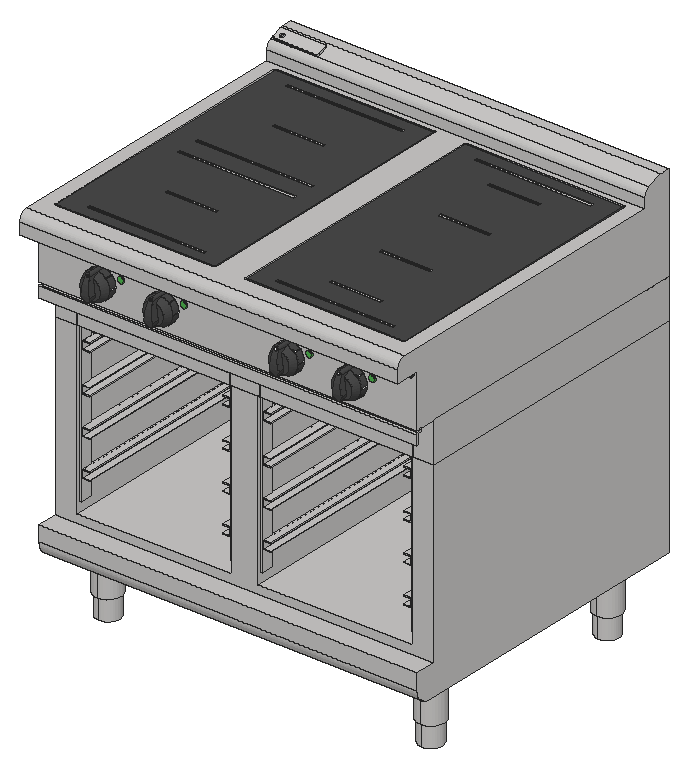
Revit family "QF_Moffat_INL8400R5F-CB_Induction Cooktop_cat", category Specialty Equipment, Revit 2019 (continued)
Definition of nested family "IN8400F-CB_Cabinet base"
  Automatic sketch dimensions
    Extrusion 13 sketch curve to Extrusion 13 sketch curve = 17.4 mm  (x4)
    plane 7 "Center Y" to Extrusion 14 sketch curve = 57.15 mm  (x4)
    plane 13 to Extrusion 14 sketch curve = 167.5 mm
    Extrusion 14 sketch curve to Extrusion 14 sketch curve = 1.6 mm  (x12)
    Extrusion 14 sketch curve to Extrusion 14 sketch curve = 16.8 mm  (x4)
    Extrusion 14 sketch curve to Extrusion 14 sketch curve = 70 mm  (x2)
    Extrusion 14 sketch curve to plane 14 = 52.5 mm
    Extrusion 14 sketch curve to Extrusion 14 sketch curve = 0 mm  (x3)
    Extrusion 14 sketch curve to Extrusion 14 sketch curve = 17.4 mm  (x5)
Definition of nested family "Knob"
  Parameters (values of type "Knob")
    Weight in Pounds = 0
    URL Cutsheet = ""
    Specification by User = ""
    Specification by Manufacturer = ""
    Serial Number = ""
    Seismic Rating = ""
    SMACNA No = ""
    Revision Code = ""
    NAFEM Spec ID Number = ""
    Masterspec = ""
    Length = 65 mm
    Item Number = ""
    Installed By = ""
    Identify Quantity as Lot = yes
    Height = 69.5 mm
    Furnished By = ""
    Foodservice Equipment Identifier = yes
    Depth = 59 mm
    CSI MasterFormat = ""
  Reference planes
    plane 1 "BACK": y = 0
    plane 2: z = 0
    plane 3 "LEFT": x = 0
    plane 4 "RIGHT": x = 65
    plane 5 "FRONT": y = -59
    plane 6 "TOP": z = 69.5
    plane 7 "Center Y": x = 32.5
    plane 8 "Center X": y = -29.5
  Forms (mm)
    Revolve 1, solid
      sketch origin (32.5, 175.397, 1219.2) x (0, 1, 0) y (0, 0, 1)
        loop
          line (-175.397, -1186.7) -> (-219.397, -1186.7) -> (-219.397, -1211.501) -> (-202.106, -1219.2) -> (-185.397, -1219.2) -> (-185.397, -1191.7) -> (-175.397, -1191.7) -> (-175.397, -1186.7)
        axis (-219.397, -1186.7) -> (-175.397, -1186.7)
      angle from 0 to 360
    Extrusion 2, solid
      sketch origin (32.5, 175.397, 1219.2) x (0, 1, 0) y (0, 0, 1)
        loop
          line (-202.106, -1154.2) -> (-185.397, -1154.2) -> (-185.397, -1149.7) -> (-224.105, -1149.7)
          arc (-224.105, -1149.7) -> (-233.965, -1178.467) -> (-230.696, -1208.7) r 70
          line (-230.696, -1208.7) -> (-219.397, -1208.7) -> (-219.397, -1161.899) -> (-202.106, -1154.2)
      from -15 to 15
    Extrusion 3, void
      sketch origin (0, 0, 0) x (1, 0, 0) y (0, 0, 1)
        loop
          line (27.501, 64.613) -> (22.02, 20.585)
          arc (22.02, 20.585) -> (32.792, 10.488) -> (42.986, 21.169) r 10.487
          line (42.986, 21.169) -> (37.499, 64.613)
          arc (37.499, 64.613) -> (32.5, 69.5) -> (27.501, 64.613) r 5
        loop
          line (10, 72.977) -> (10, 5.625) -> (55, 5.625) -> (55, 72.977) -> (10, 72.977)
      from 6.142 to 69.687
    Extrusion 4, solid
      sketch origin (0, -34.115, -16.916) x (1, 0, 0) y (0, 0.45399, 0.891007)
        loop
          circle (32.497, 65) r 2
      from 51.525 to 53.075
    Extrusion 5, solid
      sketch origin (32.5, -10, 32.5) x (0, 0, -1) y (-1, 0, 0)
        loop
          line (-23.54, -22.408) -> (-24.106, -22.974)
          arc (-24.106, -22.974) -> (-23.547, -23.547) -> (-22.974, -24.106) r 33.3
          line (-22.974, -24.106) -> (-22.408, -23.54)
          arc (-22.408, -23.54) -> (-22.981, -22.981) -> (-23.54, -22.408) r 32.5
        loop
          arc (-0.8, -33.29) -> (0, -33.3) -> (0.8, -33.29) r 33.3
          line (0.8, -33.29) -> (0.8, -32.49)
          arc (0.8, -32.49) -> (0, -32.5) -> (-0.8, -32.49) r 32.5
          line (-0.8, -32.49) -> (-0.8, -33.29)
        loop
          arc (23.54, -22.408) -> (22.981, -22.981) -> (22.408, -23.54) r 32.5
          line (22.408, -23.54) -> (22.974, -24.106)
          arc (22.974, -24.106) -> (23.547, -23.547) -> (24.106, -22.974) r 33.3
          line (24.106, -22.974) -> (23.54, -22.408)
        loop
          arc (-23.54, 22.408) -> (-22.981, 22.981) -> (-22.408, 23.54) r 32.5
          line (-22.408, 23.54) -> (-22.974, 24.106)
          arc (-22.974, 24.106) -> (-23.547, 23.547) -> (-24.106, 22.974) r 33.3
          line (-24.106, 22.974) -> (-23.54, 22.408)
        loop
          line (-0.8, 33.29) -> (-0.8, 32.49)
          arc (-0.8, 32.49) -> (0, 32.5) -> (0.8, 32.49) r 32.5
          line (0.8, 32.49) -> (0.8, 33.29)
          arc (0.8, 33.29) -> (0, 33.3) -> (-0.8, 33.29) r 33.3
        loop
          line (32.49, -0.8) -> (33.29, -0.8)
          arc (33.29, -0.8) -> (33.3, 0) -> (33.29, 0.8) r 33.3
          line (33.29, 0.8) -> (32.49, 0.8)
          arc (32.49, 0.8) -> (32.5, 0) -> (32.49, -0.8) r 32.5
        loop
          arc (24.106, 22.974) -> (23.547, 23.547) -> (22.974, 24.106) r 33.3
          line (22.974, 24.106) -> (22.408, 23.54)
          arc (22.408, 23.54) -> (22.981, 22.981) -> (23.54, 22.408) r 32.5
          line (23.54, 22.408) -> (24.106, 22.974)
      from 0 to -16.709
  Cuts and joins
    Extrusion 3 cuts Extrusion 2
  Dimensions and locks
    equal spacing: plane 3 "LEFT", plane 7 "Center Y", plane 4 "RIGHT"
    "Length": plane 3 "LEFT" to plane 4 "RIGHT"
    equal spacing: plane 5 "FRONT", plane 8 "Center X", plane 1 "BACK"
    "Depth": plane 5 "FRONT" to plane 1 "BACK"
    "Height": plane 6 "TOP" to level
    plane 4 "RIGHT" to plane 3 "LEFT" = 65 mm
    aligned and locked: level to plane 2
  Automatic sketch dimensions
    Revolve 1 sketch curve to level = 0 mm
    Revolve 1 sketch curve to plane 1 "BACK" = 0 mm  (x2)
    plane 1 "BACK" to Revolve 1 sketch curve = 10 mm
    plane 8 "Center X" to Revolve 1 sketch curve = 2.791 mm
    Revolve 1 sketch curve to plane 8 "Center X" = 14.5 mm
    level to Revolve 1 sketch curve = 7.699 mm
    level to Revolve 1 sketch curve = 27.5 mm
    Revolve 1 sketch curve to Revolve 1 sketch curve = 5 mm
    Revolve 1 sketch curve to Revolve 1 sketch curve = 35 mm
    Revolve 1 sketch curve to Revolve 1 sketch curve = 0 mm
    Extrusion 2 sketch curve to plane 6 "TOP" = 0 mm
    Extrusion 2 sketch curve to plane 5 "FRONT" = 3.702 mm
    Extrusion 2 sketch curve to plane 5 "FRONT" = 10.293 mm
    Extrusion 2 sketch curve to Extrusion 2 sketch curve = 11.298 mm
    plane 8 "Center X" to Extrusion 2 sketch curve = 2.791 mm
    plane 1 "BACK" to Extrusion 2 sketch curve = 10 mm
    Extrusion 2 sketch curve to plane 1 "BACK" = 11 mm
    Extrusion 2 sketch curve to plane 6 "TOP" = 4.5 mm
    Extrusion 2 sketch curve to plane 6 "TOP" = 12.199 mm
    level to Extrusion 2 sketch curve = 32.962 mm
    level to Extrusion 3 sketch curve = 5.625 mm
    Extrusion 3 sketch curve to plane 7 "Center Y" = 0 mm  (x2)
    Extrusion 3 sketch curve to plane 7 "Center Y" = 4.999 mm
    Extrusion 3 sketch curve to plane 7 "Center Y" = 10.48 mm
    plane 6 "TOP" to Extrusion 3 sketch curve = 3.477 mm
    plane 3 "LEFT" to Extrusion 3 sketch curve = 10 mm
    Extrusion 3 sketch curve to plane 6 "TOP" = 4.887 mm
    Extrusion 3 sketch curve to Extrusion 3 sketch curve = 4.999 mm
    plane 7 "Center Y" to Extrusion 3 sketch curve = 10.486 mm
    level to Extrusion 3 sketch curve = 20.585 mm
    Extrusion 3 sketch curve to Extrusion 3 sketch curve = 0.387 mm
    Extrusion 3 sketch curve to Extrusion 3 sketch curve = 0.113 mm
    plane 4 "RIGHT" to Extrusion 3 sketch curve = 10 mm
    Extrusion 5 sketch curve to Revolve 1 = 32.49 mm
    Revolve 1 to Extrusion 5 sketch curve = 32.49 mm
    Extrusion 5 sketch curve to Revolve 1 = 23.54 mm  (x2)
    Revolve 1 to Extrusion 5 sketch curve = 23.54 mm  (x2)
    Extrusion 5 sketch curve to Revolve 1 = 24.106 mm  (x2)
    Revolve 1 to Extrusion 5 sketch curve = 24.106 mm  (x2)
    Revolve 1 to Extrusion 5 sketch curve = 22.408 mm  (x2)
    Extrusion 5 sketch curve to Revolve 1 = 22.408 mm  (x2)
    Revolve 1 to Extrusion 5 sketch curve = 22.974 mm  (x2)
    Extrusion 5 sketch curve to Revolve 1 = 22.974 mm  (x2)
    Extrusion 5 sketch curve to Extrusion 5 sketch curve = 1.6 mm  (x2)
    Revolve 1 to Extrusion 5 sketch curve = 0.8 mm
    Extrusion 5 sketch curve to Revolve 1 = 0.8 mm
    Extrusion 4 sketch curve to plane 7 "Center Y" = 0.003 mm
    radius of Extrusion 5 sketch curve to Revolve 1 = 0 mm  (x7)
    radius of Revolve 1 to Extrusion 5 sketch curve = 0.8 mm  (x7)
    radius of Extrusion 4 sketch curve = 2 mm
Definition of nested family "QF_LOGO_Waldorf1"
  Parameters (values of type "QF_LOGO_Waldorf")
    Weight in Pounds = 0
    URL Cutsheet = ""
    Specification by User = ""
    Specification by Manufacturer = ""
    Serial Number = ""
    Seismic Rating = ""
    SMACNA No = ""
    Revision Code = ""
    NAFEM Spec ID Number = ""
    Masterspec = ""
    Length = 138 mm
    Item Number = ""
    Installed By = ""
    Identify Quantity as Lot = yes
    Height = 26.711 mm
    Furnished By = ""
    Foodservice Equipment Identifier = yes
    Depth = 3.175 mm
    CSI MasterFormat = ""
  Reference planes
    plane 1 "BACK": y = 0
    plane 2: z = 0
    plane 3 "LEFT": x = 0
    plane 4 "RIGHT": x = 138
    plane 5 "FRONT": y = -3.175
    plane 6 "TOP": z = 26.711
    plane 7 "Center Y": x = 69
    plane 8 "Center X": y = -1.587
  Forms (mm)
    Extrusion 1, solid
      sketch origin (0, 0, 0) x (1, 0, 0) y (0, 0.920505, 0.390731)
        loop
          line (109, 3.464) -> (109, 23.247)
          spline (109, 23.247) -> (108.966, 23.699) -> (108.864, 24.143) -> (108.696, 24.572) -> (108.464, 24.979) -> (108.173, 25.355) -> (107.828, 25.696) -> (107.435, 25.995) -> (107, 26.247) -> (106.531, 26.447) -> (106.035, 26.593) -> (105.522, 26.681) -> (105, 26.711)
          line (105, 26.711) -> (4, 26.711)
          spline (4, 26.711) -> (3.478, 26.681) -> (2.965, 26.593) -> (2.469, 26.447) -> (2, 26.247) -> (1.565, 25.995) -> (1.172, 25.696) -> (0.827, 25.355) -> (0.536, 24.979) -> (0.304, 24.572) -> (0.136, 24.143) -> (0.034, 23.699) -> (0, 23.247)
          line (0, 23.247) -> (0, 3.464)
          spline (0, 3.464) -> (0.034, 3.012) -> (0.136, 2.568) -> (0.304, 2.138) -> (0.536, 1.732) -> (0.827, 1.355) -> (1.172, 1.015) -> (1.565, 0.716) -> (2, 0.464) -> (2.469, 0.264) -> (2.965, 0.118) -> (3.478, 0.03) -> (4, 0)
          line (4, 0) -> (105, 0)
          spline (105, 0) -> (105.522, 0.03) -> (106.035, 0.118) -> (106.531, 0.264) -> (107, 0.464) -> (107.435, 0.716) -> (107.828, 1.015) -> (108.173, 1.355) -> (108.464, 1.732) -> (108.696, 2.138) -> (108.864, 2.568) -> (108.966, 3.012) -> (109, 3.464)
        loop
          line (14.75, 7.005) -> (14.75, 15.654)
          arc (14.75, 15.654) -> (10.425, 11.329) -> (14.75, 7.005) r 4.325
        loop
          line (15.25, 15.654) -> (15.25, 7.005)
          arc (15.25, 7.005) -> (19.575, 11.329) -> (15.25, 15.654) r 4.325
      from 0 to 3.2
    Extrusion 2, solid
      sketch origin (0, 0, 0) x (1, 0, 0) y (0, 0.920505, 0.390731)
        loop
          line (15.25, 15.654) -> (15.25, 7.005)
          arc (15.25, 7.005) -> (19.575, 11.329) -> (15.25, 15.654) r 4.325
      from 0 to 3.2
    Extrusion 3, solid
      sketch origin (16.271, 0, 0) x (-1, 0, 0) y (0, -0.920505, -0.390731)
        loop
          arc (1.521, -15.654) -> (5.846, -11.329) -> (1.521, -7.005) r 4.325
          line (1.521, -7.005) -> (1.521, -15.654)
      from 0 to 3.2
  Lines and regions (mm)
    Split face 1
      outline origin (0, -1.25, 2.946) x (1, 0, 0) y (0, 0.920505, 0.390731)
        loop
          spline (22.129, 16.975) -> (22.389, 15.984) -> (22.649, 15.002) -> (22.91, 14.028) -> (23.172, 13.065) -> (23.433, 12.11) -> (23.695, 11.166) -> (23.956, 10.232) -> (24.218, 9.308) -> (24.479, 8.396) -> (24.74, 7.495) -> (25, 6.605) -> (25.26, 5.728)
          line (25.26, 5.728) -> (29.463, 5.728)
          spline (29.463, 5.728) -> (29.582, 6.252) -> (29.701, 6.78) -> (29.82, 7.313) -> (29.939, 7.85) -> (30.058, 8.391) -> (30.178, 8.936) -> (30.297, 9.485) -> (30.416, 10.038) -> (30.536, 10.594) -> (30.655, 11.155) -> (30.775, 11.719) -> (30.894, 12.287)
          spline (30.894, 12.287) -> (31.018, 11.719) -> (31.142, 11.155) -> (31.266, 10.594) -> (31.39, 10.038) -> (31.514, 9.485) -> (31.638, 8.936) -> (31.762, 8.391) -> (31.885, 7.85) -> (32.009, 7.313) -> (32.133, 6.78) -> (32.256, 6.252) -> (32.379, 5.728)
          line (32.379, 5.728) -> (36.51, 5.728)
          spline (36.51, 5.728) -> (36.766, 6.605) -> (37.023, 7.495) -> (37.28, 8.396) -> (37.538, 9.308) -> (37.795, 10.232) -> (38.053, 11.166) -> (38.311, 12.11) -> (38.569, 13.065) -> (38.826, 14.028) -> (39.083, 15.002) -> (39.34, 15.984) -> (39.597, 16.975)
          line (39.597, 16.975) -> (35.637, 16.975)
          spline (35.637, 16.975) -> (35.523, 16.334) -> (35.41, 15.697) -> (35.296, 15.063) -> (35.182, 14.433) -> (35.068, 13.807) -> (34.954, 13.185) -> (34.84, 12.566) -> (34.726, 11.952) -> (34.612, 11.342) -> (34.497, 10.737) -> (34.383, 10.135) -> (34.269, 9.538)
          spline (34.269, 9.538) -> (34.138, 10.135) -> (34.008, 10.737) -> (33.877, 11.342) -> (33.746, 11.952) -> (33.616, 12.566) -> (33.485, 13.185) -> (33.354, 13.807) -> (33.224, 14.433) -> (33.093, 15.063) -> (32.963, 15.697) -> (32.833, 16.334) -> (32.703, 16.975)
          line (32.703, 16.975) -> (29.247, 16.975)
          spline (29.247, 16.975) -> (29.111, 16.334) -> (28.974, 15.697) -> (28.837, 15.063) -> (28.7, 14.433) -> (28.562, 13.807) -> (28.425, 13.185) -> (28.288, 12.566) -> (28.15, 11.952) -> (28.013, 11.342) -> (27.875, 10.737) -> (27.738, 10.135) -> (27.6, 9.538)
          spline (27.6, 9.538) -> (27.483, 10.135) -> (27.366, 10.737) -> (27.249, 11.342) -> (27.132, 11.952) -> (27.015, 12.566) -> (26.897, 13.185) -> (26.78, 13.807) -> (26.663, 14.433) -> (26.546, 15.063) -> (26.43, 15.697) -> (26.313, 16.334) -> (26.196, 16.975)
          line (26.196, 16.975) -> (22.129, 16.975)
    Split face 2
      outline origin (0, -1.25, 2.946) x (1, 0, 0) y (0, 0.920505, 0.390731)
        loop
          line (51.449, 5.728) -> (51.035, 6.606) -> (51.035, 11.169)
          spline (51.035, 11.169) -> (50.686, 12.42) -> (50.176, 13.224) -> (49.51, 13.708) -> (48.693, 13.995) -> (47.747, 14.152) -> (46.698, 14.207) -> (45.579, 14.186) -> (44.419, 14.114) -> (43.279, 13.929) -> (42.249, 13.481) -> (41.424, 12.614) -> (40.897, 11.169)
          line (40.897, 11.169) -> (44.617, 11.169) -> (44.988, 11.965)
          spline (44.988, 11.965) -> (47.294, 11.682) -> (46.856, 10.932) -> (45.527, 10.609) -> (43.858, 10.439) -> (42.259, 10.123) -> (41.078, 9.417) -> (40.563, 8.246) -> (40.689, 6.989) -> (41.407, 6.052) -> (42.774, 5.536) -> (44.847, 5.497) -> (47.306, 6.602)
          line (47.306, 6.602) -> (47.624, 5.728) -> (51.449, 5.728)
    Split face 3
      outline origin (0, -1.25, 2.946) x (1, 0, 0) y (0, 0.920505, 0.390731)
        loop
          line (47.264, 9.264) -> (44.938, 8.597)
          spline (44.938, 8.597) -> (44.508, 8.228) -> (44.402, 7.9) -> (44.548, 7.626) -> (44.877, 7.42) -> (45.317, 7.295) -> (45.797, 7.265) -> (46.252, 7.342) -> (46.65, 7.525) -> (46.971, 7.813) -> (47.194, 8.201) -> (47.298, 8.685) -> (47.264, 9.264)
    Split face 4
      outline origin (0, -1.25, 2.946) x (1, 0, 0) y (0, 0.920505, 0.390731)
        loop
          line (53.33, 16.975) -> (53.33, 5.728) -> (57.173, 5.728) -> (57.173, 16.975) -> (53.33, 16.975)
    Split face 5
      outline origin (0, -1.25, 2.946) x (1, 0, 0) y (0, 0.920505, 0.390731)
        loop
          line (65.795, 16.975) -> (65.795, 12.976)
          spline (65.795, 12.976) -> (63.839, 14.082) -> (62.087, 14.096) -> (60.633, 13.343) -> (59.574, 12.148) -> (58.99, 10.806) -> (58.867, 9.452) -> (59.156, 8.159) -> (59.81, 7) -> (60.786, 6.056) -> (62.111, 5.514) -> (63.868, 5.634) -> (66.137, 6.679)
          line (66.137, 6.679) -> (66.137, 5.728) -> (69.511, 5.728) -> (69.511, 16.975) -> (65.795, 16.975)
    Split face 6
      outline origin (0, -1.25, 2.946) x (1, 0, 0) y (0, 0.920505, 0.390731)
        loop
          spline (64.273, 7.499) -> (64.754, 7.57) -> (65.202, 7.777) -> (65.587, 8.106) -> (65.882, 8.535) -> (66.067, 9.034) -> (66.131, 9.57) -> (66.067, 10.106) -> (65.882, 10.605) -> (65.587, 11.034) -> (65.202, 11.363) -> (64.754, 11.57) -> (64.273, 11.64)
          spline (64.273, 11.64) -> (63.793, 11.57) -> (63.345, 11.363) -> (62.96, 11.034) -> (62.665, 10.605) -> (62.479, 10.106) -> (62.416, 9.57) -> (62.479, 9.034) -> (62.665, 8.535) -> (62.96, 8.106) -> (63.345, 7.777) -> (63.793, 7.57) -> (64.273, 7.499)
    Split face 7
      outline origin (0, -1.25, 2.946) x (1, 0, 0) y (0, 0.920505, 0.390731)
        loop
          spline (76.449, 5.305) -> (77.855, 5.457) -> (79.166, 5.901) -> (80.291, 6.607) -> (81.155, 7.527) -> (81.698, 8.599) -> (81.883, 9.749) -> (81.698, 10.899) -> (81.155, 11.97) -> (80.291, 12.891) -> (79.166, 13.597) -> (77.855, 14.041) -> (76.449, 14.192)
          spline (76.449, 14.192) -> (75.042, 14.041) -> (73.731, 13.597) -> (72.606, 12.891) -> (71.742, 11.97) -> (71.199, 10.899) -> (71.014, 9.749) -> (71.199, 8.599) -> (71.742, 7.527) -> (72.606, 6.607) -> (73.731, 5.901) -> (75.042, 5.457) -> (76.449, 5.305)
    Split face 8
      outline origin (0, -1.25, 2.946) x (1, 0, 0) y (0, 0.920505, 0.390731)
        loop
          spline (76.449, 7.654) -> (76.841, 7.725) -> (77.206, 7.934) -> (77.52, 8.267) -> (77.76, 8.701) -> (77.912, 9.206) -> (77.963, 9.749) -> (77.912, 10.291) -> (77.76, 10.796) -> (77.52, 11.23) -> (77.206, 11.563) -> (76.841, 11.772) -> (76.449, 11.843)
          spline (76.449, 11.843) -> (76.057, 11.772) -> (75.691, 11.563) -> (75.378, 11.23) -> (75.137, 10.796) -> (74.986, 10.291) -> (74.934, 9.749) -> (74.986, 9.206) -> (75.137, 8.701) -> (75.378, 8.267) -> (75.691, 7.934) -> (76.057, 7.725) -> (76.449, 7.654)
    Split face 9
      outline origin (0, -1.25, 2.946) x (1, 0, 0) y (0, 0.920505, 0.390731)
        loop
          line (86.998, 12.335) -> (86.998, 13.879) -> (83.479, 13.879) -> (83.479, 5.728) -> (87.312, 5.728) -> (87.312, 8.975)
          spline (87.312, 8.975) -> (87.364, 9.356) -> (87.458, 9.686) -> (87.594, 9.968) -> (87.769, 10.204) -> (87.982, 10.398) -> (88.229, 10.55) -> (88.509, 10.666) -> (88.82, 10.746) -> (89.16, 10.794) -> (89.525, 10.812) -> (89.915, 10.803) -> (90.327, 10.77)
          line (90.327, 10.77) -> (90.327, 14.113)
          spline (90.327, 14.113) -> (89.929, 14.127) -> (89.552, 14.111) -> (89.197, 14.066) -> (88.865, 13.991) -> (88.554, 13.887) -> (88.266, 13.754) -> (87.999, 13.591) -> (87.755, 13.399) -> (87.532, 13.177) -> (87.332, 12.926) -> (87.154, 12.645) -> (86.998, 12.335)
    Split face 10
      outline origin (0, -1.25, 2.946) x (1, 0, 0) y (0, 0.920505, 0.390731)
        loop
          line (92.082, 13.879) -> (90.894, 13.879) -> (90.894, 11.972) -> (92.082, 11.972) -> (92.082, 5.728) -> (95.871, 5.728) -> (95.871, 11.972) -> (97.5, 11.972) -> (97.5, 13.879) -> (95.871, 13.879)
          spline (95.871, 13.879) -> (95.843, 14.088) -> (95.845, 14.278) -> (95.877, 14.447) -> (95.939, 14.596) -> (96.03, 14.726) -> (96.151, 14.835) -> (96.301, 14.925) -> (96.482, 14.995) -> (96.692, 15.045) -> (96.931, 15.075) -> (97.201, 15.085) -> (97.5, 15.076)
          line (97.5, 15.076) -> (97.5, 17.266) -> (95.367, 17.266)
          spline (95.367, 17.266) -> (94.982, 17.253) -> (94.58, 17.21) -> (94.174, 17.132) -> (93.774, 17.013) -> (93.39, 16.846) -> (93.034, 16.627) -> (92.717, 16.349) -> (92.448, 16.007) -> (92.24, 15.595) -> (92.102, 15.106) -> (92.046, 14.537) -> (92.082, 13.879)
  Dimensions and locks
    equal spacing: plane 3 "LEFT", plane 7 "Center Y", plane 4 "RIGHT"
    "Length": plane 3 "LEFT" to plane 4 "RIGHT"
    equal spacing: plane 5 "FRONT", plane 8 "Center X", plane 1 "BACK"
    "Depth": plane 5 "FRONT" to plane 1 "BACK"
    "Height": plane 6 "TOP" to level
    plane 4 "RIGHT" to plane 3 "LEFT" = 138 mm
    aligned and locked: level to plane 2
  Automatic sketch dimensions
    Extrusion 1 sketch curve to plane 3 "LEFT" = 0 mm
    plane 3 "LEFT" to Extrusion 1 sketch curve = 4 mm  (x2)
    Extrusion 1 sketch curve to Extrusion 1 sketch curve = 10.75 mm
    Extrusion 1 sketch curve to Extrusion 1 sketch curve = 0.5 mm
    plane 4 "RIGHT" to Extrusion 1 sketch curve = 33 mm
    Extrusion 1 sketch curve to Extrusion 1 sketch curve = 0 mm  (x3)
    Extrusion 1 sketch curve to Extrusion 1 sketch curve = 4 mm
    Extrusion 1 sketch curve to Extrusion 1 sketch curve = 3.464 mm  (x3)
    Extrusion 1 sketch curve to Extrusion 1 sketch curve = 3.541 mm
    Extrusion 1 sketch curve to Extrusion 1 sketch curve = 4.325 mm
    Extrusion 1 sketch curve to Extrusion 1 sketch curve = 19.783 mm
    Extrusion 1 sketch curve to Extrusion 1 sketch curve = 7.592 mm
    plane 3 "LEFT" to Extrusion 2 sketch curve = 15.25 mm
    Extrusion 2 sketch curve to Extrusion 2 sketch curve = 4.325 mm
    plane 3 "LEFT" to Extrusion 3 sketch curve = 14.75 mm
    Extrusion 3 sketch curve to Extrusion 3 sketch curve = 4.325 mm
    Extrusion 1 to Split face 1 sketch curve = 6.879 mm
    Split face 1 sketch curve to Extrusion 1 = 5.728 mm
    Split face 1 sketch curve to Split face 1 sketch curve = 3.132 mm
    Split face 1 sketch curve to Split face 1 sketch curve = 4.068 mm
    Split face 1 sketch curve to Split face 1 sketch curve = 3.051 mm
    Split face 1 sketch curve to Split face 1 sketch curve = 4.203 mm
    Split face 1 sketch curve to Split face 1 sketch curve = 2.916 mm
    Split face 1 sketch curve to Split face 1 sketch curve = 3.456 mm
    Split face 1 sketch curve to Split face 1 sketch curve = 2.934 mm
    Split face 1 sketch curve to Split face 1 sketch curve = 4.131 mm
    Split face 1 sketch curve to Split face 1 sketch curve = 3.96 mm
    Split face 1 sketch curve to Split face 1 sketch curve = 0 mm  (x2)
    Split face 1 sketch curve to Extrusion 1 = 9.736 mm  (x2)
    Extrusion 1 to Split face 1 sketch curve = 6.337 mm
    Extrusion 1 to Split face 1 sketch curve = 6.231 mm
    Extrusion 1 to Split face 1 sketch curve = 3.184 mm
    Extrusion 1 to Split face 1 sketch curve = 13.135 mm
    Split face 1 sketch curve to Split face 1 sketch curve = 4.652 mm
    Split face 1 sketch curve to Split face 1 sketch curve = 3.593 mm
    Split face 1 sketch curve to Split face 1 sketch curve = 1.863 mm
    Split face 1 sketch curve to Split face 1 sketch curve = 0.713 mm
    Split face 1 sketch curve to Split face 1 sketch curve = 2.684 mm
    Split face 1 sketch curve to Split face 1 sketch curve = 3.294 mm
    Split face 1 sketch curve to Split face 1 sketch curve = 0.459 mm
    Split face 1 sketch curve to Split face 1 sketch curve = 2.775 mm
    Split face 1 sketch curve to Split face 1 sketch curve = 1.89 mm
    Split face 1 sketch curve to Split face 1 sketch curve = 0.685 mm
    Split face 1 sketch curve to Split face 1 sketch curve = 9.486 mm
    Split face 1 sketch curve to Split face 1 sketch curve = 16.213 mm
    Split face 1 sketch curve to Split face 1 sketch curve = 3.48 mm
    Split face 1 sketch curve to Split face 1 sketch curve = 4.918 mm
    Split face 1 sketch curve to Split face 1 sketch curve = 7.609 mm
    Split face 1 sketch curve to Split face 1 sketch curve = 0.01 mm  (x2)
    Split face 1 sketch curve to Split face 1 sketch curve = 0.002 mm
    Split face 2 sketch curve to Extrusion 1 = 11.169 mm
    Extrusion 1 to Split face 2 sketch curve = 25.647 mm
    Split face 2 sketch curve to Split face 2 sketch curve = 3.72 mm
    Split face 2 sketch curve to Extrusion 1 = 11.965 mm
    Split face 2 sketch curve to Split face 2 sketch curve = 0.371 mm
    Split face 2 sketch curve to Extrusion 1 = 6.602 mm
    Split face 2 sketch curve to Split face 2 sketch curve = 2.689 mm
    Split face 2 sketch curve to Split face 2 sketch curve = 0.318 mm
    Split face 2 sketch curve to Split face 2 sketch curve = 3.729 mm
    Split face 2 sketch curve to Split face 2 sketch curve = 0.414 mm
    Split face 2 sketch curve to Split face 2 sketch curve = 0.875 mm
    Split face 2 sketch curve to Split face 2 sketch curve = 0.878 mm
    Split face 3 sketch curve to Extrusion 1 = 8.597 mm
    Extrusion 1 to Split face 3 sketch curve = 29.688 mm
    Split face 3 sketch curve to Extrusion 1 = 9.264 mm
    Split face 3 sketch curve to Split face 3 sketch curve = 2.326 mm
    Split face 4 sketch curve to Extrusion 1 = 5.728 mm
    Extrusion 1 to Split face 4 sketch curve = 38.08 mm
    Split face 4 sketch curve to Split face 4 sketch curve = 3.843 mm
    Split face 4 sketch curve to Extrusion 1 = 9.736 mm
    Split face 5 sketch curve to Extrusion 1 = 9.736 mm
    Split face 5 sketch curve to Extrusion 1 = 43.205 mm
    Split face 5 sketch curve to Extrusion 1 = 6.679 mm
    Split face 5 sketch curve to Split face 5 sketch curve = 0.342 mm
    Split face 5 sketch curve to Split face 5 sketch curve = 3.375 mm
    Split face 5 sketch curve to Split face 5 sketch curve = 0.952 mm
    Split face 5 sketch curve to Split face 5 sketch curve = 3.998 mm
    Split face 6 sketch curve to Extrusion 1 = 7.499 mm
    Split face 6 sketch curve to Extrusion 1 = 44.727 mm
    Split face 6 sketch curve to Split face 6 sketch curve = 2.07 mm
    Split face 7 sketch curve to Extrusion 1 = 5.305 mm
    Split face 7 sketch curve to Extrusion 1 = 32.551 mm
    Split face 7 sketch curve to Split face 7 sketch curve = 4.443 mm
    Split face 8 sketch curve to Extrusion 1 = 7.654 mm
    Split face 8 sketch curve to Extrusion 1 = 32.551 mm
    Split face 8 sketch curve to Split face 8 sketch curve = 2.095 mm
    Split face 9 sketch curve to Extrusion 1 = 5.728 mm
    Split face 9 sketch curve to Extrusion 1 = 25.521 mm
    Split face 9 sketch curve to Split face 9 sketch curve = 3.519 mm
    Split face 9 sketch curve to Split face 9 sketch curve = 0.315 mm
    Split face 9 sketch curve to Split face 9 sketch curve = 3.33 mm
    Split face 9 sketch curve to Split face 9 sketch curve = 3.248 mm
    Split face 9 sketch curve to Split face 9 sketch curve = 1.795 mm
    Split face 9 sketch curve to Split face 9 sketch curve = 3.36 mm
    Split face 9 sketch curve to Split face 9 sketch curve = 1.545 mm
    Split face 9 sketch curve to Split face 9 sketch curve = 0.233 mm
    Split face 10 sketch curve to Extrusion 1 = 18.106 mm
    Split face 10 sketch curve to Split face 10 sketch curve = 1.188 mm  (x2)
    Split face 10 sketch curve to Split face 10 sketch curve = 3.285 mm
    Split face 10 sketch curve to Split face 10 sketch curve = 3.789 mm
    Split face 10 sketch curve to Split face 10 sketch curve = 0 mm  (x2)
    Split face 10 sketch curve to Split face 10 sketch curve = 1.629 mm
    Split face 10 sketch curve to Split face 10 sketch curve = 2.133 mm
    Split face 10 sketch curve to Extrusion 1 = 5.728 mm
    Split face 10 sketch curve to Split face 10 sketch curve = 6.245 mm
    Split face 10 sketch curve to Split face 10 sketch curve = 1.907 mm  (x2)
    Split face 10 sketch curve to Split face 10 sketch curve = 1.197 mm
    Split face 10 sketch curve to Split face 10 sketch curve = 2.19 mm
